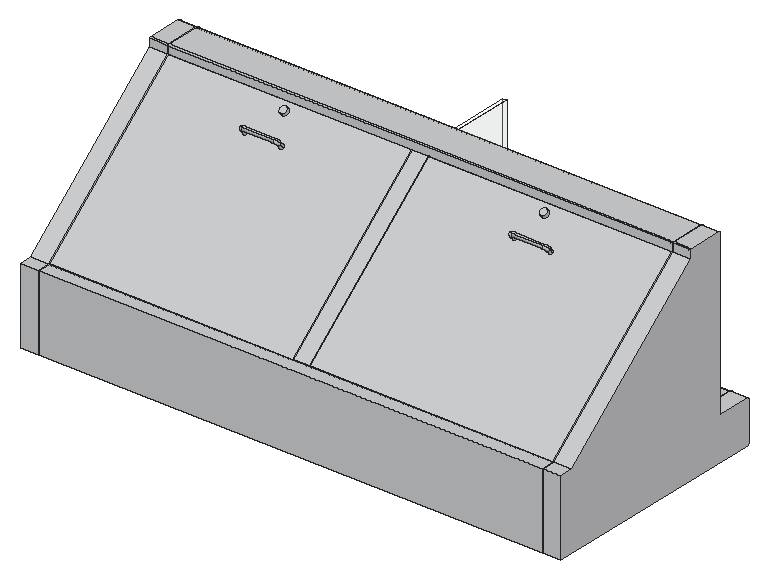
Revit family "Sink_Wall_Hung _Surgeon _Scrub-Elkay-EWSF26026_2_KWC_KWSC_SACC", category Plumbing Fixtures, host Face, Revit 2022
Family settings
  Host = Face
  Round Connector Dimension = Use Diameter
  Part Type = Normal
  OmniClass Number = 23.45.05.14.14.21
  OmniClass Title = Surgeons Scrub-Up Sinks
  Cut with Voids When Loaded = No
  Maintain Annotation Orientation = No
  Shared = No
  Room Calculation Point = No
Parameters (values of type "EWSF26026SACC (Wall Hung Double Station Surgeon Scrub Sink Kit)")
  Water panel = no
  URL = "https://www.elkay.com/us/en.html"
  Temperature handle = no
  Soap spout = no
  Soap panel = no
  Sink Width = 23.00"
  Sink Length = 60.00"
  Sink Height = 26.00"
  Sink Dimensions = "60 inch x 23 inch x 26 inch"  # constant formula
  Repair Parts URL = "https://www.elkayfiles.com/care-cleaning-install-warranty-sheets/2000000714.pdf"
  Product data URL = "https://www.bimobject.com/en/elkay/product/EWSF26026SACC"
  Product Weight (lbs) = 162
  Product Page URL = "https://www.elkay.com/products/details/ewsf26026sacc"
  Product Installation Sheet URL = "https://www.elkayfiles.com/care-cleaning-install-warranty-sheets/2000000714.pdf"
  Product Documentation Link = "https://www.elkayfiles.com/spec-sheets/ewsf26026sacc_spec.pdf"
  Outlet Connection Size (inch) = 1.50"
  No of Bowls = 2  # constant formula
  Modified Date = ""
  Model = "EWSF26026SACC"
  Manufacturer Brand = "Elkay (by Zurn Elkay Water Solutions)"  # constant formula
  Manufacturer = "Elkay Manufacturer Company"  # constant formula
  Main Material = Finish-Elkay-Stainless Steel
  LKB721C = yes
  LK394A = no
  Hole = no
  Drain Size = "3 1/2 inch"  # constant formula
  Description = "Stainless Steel 60 inch x 23 inch x 26 inch Wall Hung Double Station Surgeon Scrub Sink Kit"
  Default Elevation = 48.00"
  Date Created = "01-30-2025"  # constant formula
  Bowl 2 Dimensions = "28 inch x 16 1/4 inch x 11 inch"  # constant formula
  Bowl 1 Dimensions = "28 inch x 16 1/4 inch x 11 inch"  # constant formula
  Bottom shroud = no
  Assembly Code = "D2010.60"
  Approx. Shipping Weight (lbs) = 172
Reference planes (in)
  plane 1 "Center (Front/Back)": y = 0
  plane 2: z = 0
  plane 3 "Center (Left/Right)": x = 0
Lines and regions (in)
  Masking region 1
    outline origin (0, 0, 0) x (1, 0, 0) y (0, 0, 1)
      loop
        line (29.75, 23) -> (-30.25, 23) -> (-30.25, 0) -> (29.75, 0) -> (29.75, 23)
  Masking region 2, detail levels fine
    outline origin (0, 0, 0) x (1, 0, 0) y (0, 0, 1)
      loop
        circle (13.75, 8.625) r 1.81435
      loop
        circle (-14.25, 8.625) r 1.81435
Dimensions and locks (in)
  locked: Masking region 2 sketch curve to plane 3 "Center (Left/Right)" at 13.75
  locked: plane 3 "Center (Left/Right)" to Masking region 2 sketch curve at 14.25
  locked: level to Masking region 2 sketch curve at 8.625  (x2)
  aligned and locked: plane 2 to host face
  aligned and locked: level to host face
  aligned and locked: nested 1 to level
  aligned and locked: plane 3 "Center (Left/Right)" to nested 1
  aligned and locked: nested 1 to plane 1 "Center (Front/Back)"
  aligned and locked: Masking region 1 sketch curve to nested 1  (x2)
  aligned and locked: nested 1 to Masking region 1 sketch curve
  aligned and locked: level to Masking region 1 sketch curve
Nested families (in)
  nested 1: "EWSF390261" at (-28.25, 7.528, 11.5) x (1, 0, 0) z (0, 1, 0), Bottom shroud <- "Bottom shroud", Hole <- "Hole", LK394A <- "LK394A", LKB721C <- "LKB721C", Soap Panel <- "Soap panel", Water panel <- "Water panel", Soap spout <- "Soap spout", Temperature handle <- "Temperature handle", type "EWSF260262"
    with Water panel no, Temperature handle no, Soap spout no, Soap Panel no, Material_plexiglass Acrylic, Clear, LKB721C yes, LK394A no, Hole no, Bottom shroud no
Connectors (in)
  piping at (-14.25, 0.058, 8.625), diameter 1.5, driven by "Outlet Connection Size (inch)"
    settings: on nested 1, index 1, connector inside diameter 24", connector length 0.00", flow factor 0, pipe flow 0 GPM, pressure drop 0.00 psi, fitting loss kfactor 0, connector angle 0.00°, fixture units 0, engagement length 0.00", angle of deflection 0.00°, flow configuration 0, flow direction 2, fitting loss method 0, system type 16, joint type 0, gender type 0, connector reference index -1, connector utility 0, adjustable connector no, is connector primary yes, connector description "Sanitary Outlet"
  piping at (13.75, 0, 8.625), diameter 1.5, driven by "Outlet Connection Size (inch)"
    settings: on nested 1, index 2, connector inside diameter 24", connector length 0.00", flow factor 0, pipe flow 0 GPM, pressure drop 0.00 psi, fitting loss kfactor 0, connector angle 0.00°, fixture units 0, engagement length 0.00", angle of deflection 0.00°, flow configuration 0, flow direction 2, fitting loss method 0, system type 16, joint type 0, gender type 0, connector reference index -1, connector utility 0, adjustable connector no, is connector primary no, connector description "Sanitary Outlet"
Definition of nested family "EWSF390261"
  Parameters (values of type "EWSF26026SACC")
    void3 = if(No. of. Bowls > 2, 2 > 1, 1 > 2)  # no
    void2 = if(No. of. Bowls > 1, 2 > 1, 1 > 2)  # yes
    sink partition2 = if(No. of. Bowls > 2, 2 > 1, 1 > 2)  # no
    sink partition1 = if(No. of. Bowls > 1, 2 > 1, 1 > 2)  # yes
    lock3 = if(No. of. Bowls > 2, 2 > 1, 1 > 2)  # no
    lock2 = if(No. of. Bowls > 1, 2 > 1, 1 > 2)  # yes
    drain2 = if(No. of. Bowls > 1, 2 > 1, 1 > 2)  # yes
    Water panel [instance] = no
    URL = "https://www.elkay.com/us/en.html"
    Temperature handle [instance] = no
    Soap spout [instance] = no
    Soap Panel [instance] = no
    Repair Parts URL = "https://www.elkayfiles.com/care-cleaning-install-warranty-sheets/2000000714.pdf"
    Product data URL = "https://www.bimobject.com/en/elkay/product/ewsf39026sacc"
    Product Weight (lbs) = 0
    Product Page URL = "https://www.elkay.com/products/details/ewsf39026sacc"
    Product Installation Sheet URL = "https://www.elkayfiles.com/care-cleaning-install-warranty-sheets/2000000714.pdf"
    Product Documentation Link = "https://www.elkayfiles.com/spec-sheets/ewsf39026sacc_spec.pdf"
    Partition2 = if(No. of. Bowls > 2, 2 > 1, 1 > 2)  # no
    Partition1 = if(No. of. Bowls > 1, 2 > 1, 1 > 2)  # yes
    Partition Loc = 2.00" + Bowl Length + 0.25"  # 30.25"
    Panel3 = if(No. of. Bowls > 2, 2 > 1, 1 > 2)  # no
    Panel2 = if(No. of. Bowls > 1, 2 > 1, 1 > 2)  # yes
    Modified Date = ""
    Model = "EWSF39026SACC"  # constant formula
    Material_plexiglass [instance] = none
    Manufacturer Brand = "Elkay (by Zurn Elkay Water Solutions)"  # constant formula
    Manufacturer = "Elkay Manufacturer Company"  # constant formula
    Main Material = none
    LKB721C [instance] = yes
    LK394A [instance] = no
    Keylock3 Position = EWSF Panel Length / 2  # 13.50"
    Keylock2 Position = 2.00" + (3 * Material Thickness) + EWSF Panel Length + Panel Partition Length + (EWSF Panel Length / 2)  # 44.442"
    Hole [instance] = no
    Handle3 Position = EWSF Panel Length / 2  # 13.50"
    Handle2 Position = 2.00" + (3 * Material Thickness) + EWSF Panel Length + Panel Partition Length + (EWSF Panel Length / 2)  # 44.442"
    Sink Length = 60.00"
    Panel Partition Length = if(No. of. Bowls = 3, (Drain_Length - (2 * No. of. Bowls * Material Thickness) - (No. of. Bowls * EWSF Panel Length)) / 2, if(No. of. Bowls = 2, (Drain_Length - (2 * No. of. Bowls * Material Thickness) - (No. of. Bowls * EWSF Panel Length)), 2.00"))  # 1.768"
    No. of. Bowls = 2
    Material Thickness = 0.058"
    Handle1 Position = 2.00" + Material Thickness + (EWSF Panel Length / 2) + 2.20"  # 17.758"
    EWSF Panel Length = 27.00"
    EWSF Panel LOCK loc. = EWSF Panel Length / 2  # 13.50"
    Drains Loc Y = 8.625"
    Drain3 Loc X = 74.00"
    Drain3 = if(No. of. Bowls > 2, 2 > 1, 1 > 2)  # no
    Drain2 Loc X = 2.00" + (3 * Material Thickness) + EWSF Panel Length + Panel Partition Length + (EWSF Panel Length / 2)  # 44.442"
    Drain1 Loc X = 16.00"
    Description = "Stainless Steel 90 inch x 23 inch x 26 inch Wall Hung Triple Station Surgeon Scrub Sink Kit"
    Drain_Length = Sink Length - 4.00"  # 56.00"
    Default Elevation = 48.00"
    Date Created = "01-29-2025"  # constant formula
    Bowl Width = 16.25"
    Bowl Length = 28.00"
    Bowl Depth = 11.00"
    Bottom shroud [instance] = no
    Assembly Code = "D2010.60"
    Approx. Shipping Weight (lbs) = 0
  Types (5): name | Water panel | Temperature handle | Soap spout | Soap Panel | LKB721C | LK394A | Hole | Bottom shroud
    (no name) | no | no | no | no | yes | no | no | no
    EWSF260262 | no | no | no | no | no | no | yes | no
    EWSF26026KWC | yes | yes | no | no | no | yes | no | yes
    EWSF26026KWSC | yes | yes | yes | yes | no | yes | no | yes
    EWSF26026SACC | no | no | no | no | yes | no | no | no
  Reference planes (in)
    plane 1 "Center (Front/Back)": y = 0
    plane 2: z = 0
    plane 3 "Center (Left/Right)": x = 0
    plane 4: y = 11.5
    plane 5: y = -11.5
    plane 6: z = 7.53
    plane 7: z = -7.528
    plane 8: z = 6.905
    plane 9: y = 6.75
    plane 10: z = 3.53
    plane 11: y = -9.5
    plane 12: y = 11.442
    plane 13: z = 7.472
    plane 14: y = 6.808
    plane 15: z = -0.47
    plane 16: y = -10.5
    plane 17 "Bowl depth plane": z = -7.47
    plane 18: z = 3.472
    plane 19: y = -11.442
    plane 20: z = -0.412
    plane 21: x = 56
    plane 22: z = 7.53
    plane 23: z = -18.47
    plane 24: y = 3.12
    plane 25: z = -16.97
    plane 26: z = 3.53
    plane 27: z = -0.47
    plane 28: y = -10.5
    plane 29: y = 6.75
    plane 30: x = -2
    plane 31: z = 7.53125
    plane 32: z = -18.46875
    plane 33: y = 3.12
    plane 34: z = -16.96875
    plane 35: z = 3.53125
    plane 36: z = -0.46875
    plane 37: y = -10.5
    plane 38: y = 6.75
    plane 39: x = 58
    plane 40: z = 7.53
    plane 41: z = -18.47
    plane 42: y = 3.12
    plane 43: z = -16.97
    plane 44: through (0, 3.69902, -16.49205) normal (0, 0.7712, 0.6366)
    plane 45: z = -18.412
    plane 46: y = 11.442
    plane 47: y = 3.178
    plane 48: x = 0.058
    plane 49: through (0, 3.69902, -16.49205) normal (0, 0.6366, -0.7712)
    plane 50: z = -0.47
    plane 51: y = -10.5
    plane 52: through (0, -10.5, -0.47) normal (0, 0.7712, 0.6366)
    plane 53: through (0, -9.52646, -0.47) normal (0, 0.7712, 0.6366)
    plane 54: x = 27.058
    plane 55: x = 27.116
    plane 56: x = 28.884
    plane 57: x = 28.942
    plane 58: x = 55.942
    plane 59: x = 55.942
    plane 60: x = 28.942
    plane 61: x = 56
    plane 62: x = 57.768
    plane 63: through (0, -10.36336, -0.63553) normal (0, 0.7712, 0.6366)
    plane 64: through (0, -12.75857, 1.79489) normal (0, -0.7712, -0.6366)
    plane 65: x = 13.558
    plane 66: y = 3.12
    plane 67: through (11.08, -40.38659, 35.73622) normal (0, -0.7712, -0.6366)
    plane 68: through (5.12737, -41.15779, 35.09963) normal (0, 0.7712, 0.6366)
    plane 69: x = 11.08
    plane 70: x = 15.08
    plane 71: through (0, -10.5, -0.47) normal (0, -0.6366, 0.7712)
    plane 72: through (0, -6.78236, -2.58797) normal (0, -0.6366, 0.7712)
    plane 73: x = 42.442
    plane 74: y = 2.10949
    plane 75: through (0, -9.25329, -1.21904) normal (0, -0.6366, 0.7712)
    plane 76: x = 42.442
    plane 77: x = 42.442
    plane 78: y = 1.76307
    plane 79: x = 42.442
    plane 80 "drain cl ref lev": y = 2.875
    plane 81: x = 14
    plane 82 "drain line left": z = -7.528
    plane 83: x = 14
    plane 84: x = 42.442
    plane 85: z = -7.47
    plane 86 "LKPT01": x = 28.25
    plane 87 "LKPT THCKNES": x = 28.75
    plane 88: y = 6.75
    plane 89: z = 3.53125
    plane 90 "lkpt 2": x = 27.75
    plane 91 "lkpt 2 thcknes": x = 27.25
    plane 92: through (0, -9.52646, -0.47) normal (0, -0.7712, -0.6366)
    plane 93: y = 9.125
    plane 94: x = 14
    plane 95: x = 43
    plane 96: x = 72
    plane 97: y = 9.125
    plane 98: x = 14
    plane 99: x = 72
    plane 100: y = -0.9375
    plane 101: through (0, -9.59196, 3.68928) normal (0, -0.866, -0.5)
    plane 102: through (0, -9.51415, 3.4385) normal (0, 0.866, 0.5)
    plane 103: through (0, -6.29981, -3.02849) normal (0, -0.6428, -0.766)
    plane 104: through (0, -6.26253, -2.98406) normal (0, 0.6428, 0.766)
    plane 105: x = 42
    plane 106: x = 49.5
    plane 107: x = 21.5
    plane 108: x = 28
    plane 109: x = 0.625
    plane 110: x = 25.375
    plane 111: x = 30.625
    plane 112: x = 55.375
    plane 113: x = 2.25
    plane 114: x = 12.25
    plane 115: x = 13.75
    plane 116: x = 23.75
    plane 117: x = 30.625
    plane 118: x = 55.375
    plane 119: x = 32.25
    plane 120: x = 42.25
    plane 121: x = 43.75
    plane 122: x = 53.75
    plane 123: through (0, -14.34017, 20.34159) normal (0, -0.9848, -0.1736)
    plane 124: through (0, -14.83257, 20.25477) normal (0, -0.9848, -0.1736)
    plane 125: through (44.92, -40.30299, 35.82915) normal (0, 0.7712, 0.6366)
    plane 126: through (50.87263, -41.07419, 35.19256) normal (0, -0.7712, -0.6366)
    plane 127: x = 44.92
    plane 128: x = 40.92
    plane 129: x = 13
  Forms (in)
    Extrusion 1, solid
      sketch origin (0, 0, 0) x (0, 1, 0) y (0, 0, 1)
        loop
          arc (11.5, 7.405) -> (11.46339, 7.49339) -> (11.375, 7.53) r 0.125
          line (11.375, 7.53) -> (6.875, 7.53)
          arc (6.875, 7.53) -> (6.78661, 7.49339) -> (6.75, 7.405) r 0.125
          line (6.75, 7.405) -> (6.75, -6.655)
          arc (6.75, -6.655) -> (6.51129, -7.23129) -> (5.935, -7.47) r 0.815
          line (5.935, -7.47) -> (-0.63722, -7.47)
          arc (-0.63722, -7.47) -> (-0.89955, -7.42374) -> (-1.13024, -7.29056) r 0.767
          line (-1.13024, -7.29056) -> (-5.14365, -3.92291)
          arc (-5.14365, -3.92291) -> (-5.23819, -3.82837) -> (-5.31487, -3.71885) r 0.767
          line (-5.31487, -3.71885) -> (-9.46392, 3.4675)
          arc (-9.46392, 3.4675) -> (-9.50967, 3.51325) -> (-9.57217, 3.53) r 0.125
          line (-9.57217, 3.53) -> (-11.375, 3.53)
          arc (-11.375, 3.53) -> (-11.46339, 3.49339) -> (-11.5, 3.405) r 0.125
          line (-11.5, 3.405) -> (-11.5, -0.345)
          arc (-11.5, -0.345) -> (-11.46339, -0.43339) -> (-11.375, -0.47) r 0.125
          line (-11.375, -0.47) -> (-10.5, -0.47) -> (-10.5, -0.412) -> (-11.375, -0.412)
          arc (-11.375, -0.412) -> (-11.42238, -0.39238) -> (-11.442, -0.345) r 0.067
          line (-11.442, -0.345) -> (-11.442, 3.405)
          arc (-11.442, 3.405) -> (-11.42238, 3.45238) -> (-11.375, 3.472) r 0.067
          line (-11.375, 3.472) -> (-9.57217, 3.472)
          arc (-9.57217, 3.472) -> (-9.53867, 3.46302) -> (-9.51415, 3.4385) r 0.067
          line (-9.51415, 3.4385) -> (-5.3651, -3.74785)
          arc (-5.3651, -3.74785) -> (-5.28262, -3.86565) -> (-5.18093, -3.96734) r 0.825
          line (-5.18093, -3.96734) -> (-1.16752, -7.33499)
          arc (-1.16752, -7.33499) -> (-0.91939, -7.47825) -> (-0.63722, -7.528) r 0.825
          line (-0.63722, -7.528) -> (5.935, -7.528)
          arc (5.935, -7.528) -> (6.5523, -7.2723) -> (6.808, -6.655) r 0.873
          line (6.808, -6.655) -> (6.808, 7.405)
          arc (6.808, 7.405) -> (6.82762, 7.45238) -> (6.875, 7.472) r 0.067
          line (6.875, 7.472) -> (11.375, 7.472)
          arc (11.375, 7.472) -> (11.42238, 7.45238) -> (11.442, 7.405) r 0.067
          line (11.442, 7.405) -> (11.442, 6.905) -> (11.5, 6.905) -> (11.5, 7.405)
      from 0 to 56
    Extrusion 2, solid
      sketch origin (0, 0, 0) x (0, 1, 0) y (0, 0, 1)
        loop
          line (11.5, -18.47) -> (11.5, 7.405)
          arc (11.5, 7.405) -> (11.46339, 7.49339) -> (11.375, 7.53) r 0.125
          line (11.375, 7.53) -> (6.875, 7.53)
          arc (6.875, 7.53) -> (6.78661, 7.49339) -> (6.75, 7.405) r 0.125
          line (6.75, 7.405) -> (6.75, 3.53) -> (-11.375, 3.53)
          arc (-11.375, 3.53) -> (-11.46339, 3.49339) -> (-11.5, 3.405) r 0.125
          line (-11.5, 3.405) -> (-11.5, -0.345)
          arc (-11.5, -0.345) -> (-11.46339, -0.43339) -> (-11.375, -0.47) r 0.125
          line (-11.375, -0.47) -> (-10.5, -0.47) -> (3.12, -16.97) -> (3.12, -18.47) -> (11.5, -18.47)
      from 0 to -2
    Extrusion 3, solid
      sketch origin (0, 0, 0.00125) x (0, 1, 0) y (0, 0, 1)
        loop
          line (11.5, -18.47) -> (11.5, 7.40375)
          arc (11.5, 7.40375) -> (11.46339, 7.49214) -> (11.375, 7.52875) r 0.125
          line (11.375, 7.52875) -> (6.875, 7.52875)
          arc (6.875, 7.52875) -> (6.78661, 7.49214) -> (6.75, 7.40375) r 0.125
          line (6.75, 7.40375) -> (6.75, 3.53) -> (-11.375, 3.53)
          arc (-11.375, 3.53) -> (-11.46339, 3.49339) -> (-11.5, 3.405) r 0.125
          line (-11.5, 3.405) -> (-11.5, -0.345)
          arc (-11.5, -0.345) -> (-11.46339, -0.43339) -> (-11.375, -0.47) r 0.125
          line (-11.375, -0.47) -> (-10.5, -0.47) -> (3.12, -16.97) -> (3.12, -18.47) -> (11.5, -18.47)
      from 58 to 56
    Extrusion 4, solid
      sketch origin (0, 0, 0) x (0, 1, 0) y (0, 0, 1)
        loop
          line (3.12, -16.97) -> (3.12, -18.47) -> (11.5, -18.47) -> (11.5, -16.97) -> (11.442, -16.97) -> (11.442, -18.412) -> (3.178, -18.412) -> (3.178, -16.99733) -> (3.73594, -16.53678) -> (3.69902, -16.49205) -> (3.12, -16.97)
      from 0 to 56
    Extrusion 5, solid
      sketch origin (0.058, -180, 44.38843) x (0, 0, 1) y (0, -1, 0)
        loop
          line (-44.85843, -169.5) -> (-61.35843, -183.12) -> (-60.88048, -183.69902) -> (-44.85843, -170.47354) -> (-44.85843, -169.5)
      from 0 to 27
    Extrusion 6, solid, visible <- "Partition1"
      sketch origin (27.116, -180, 34.52954) x (0, 0, 1) y (0, -1, 0)
        loop
          line (-34.99954, -170.47354) -> (-34.99954, -169.5) -> (-51.49954, -183.12) -> (-51.02159, -183.69902) -> (-34.99954, -170.47354)
      from 0 to 1.768
    Extrusion 7, solid, visible <- "Panel2"
      sketch origin (28.942, -180, 33.40964) x (0, 0, 1) y (0, -1, 0)
        loop
          line (-33.87964, -170.47354) -> (-33.87964, -169.5) -> (-50.37964, -183.12) -> (-49.90169, -183.69902) -> (-33.87964, -170.47354)
      from 0 to 27
    Extrusion 8, solid, visible <- "Panel3"
      sketch origin (55.942, -180, 40.8038) x (0, 0, 1) y (0, -1, 0)
        loop
          line (-41.2738, -170.47354) -> (-41.2738, -169.5) -> (-57.7738, -183.12) -> (-57.29585, -183.69902) -> (-41.2738, -170.47354)
      from 0 to -27
    Extrusion 9, solid, visible <- "Partition2"
      sketch origin (56, -180, 28.33703) x (0, 0, 1) y (0, -1, 0)
        loop
          line (-28.80703, -170.47354) -> (-28.80703, -169.5) -> (-45.30703, -183.12) -> (-44.82908, -183.69902) -> (-28.80703, -170.47354)
      from 0 to 1.768
    Extrusion 10, solid
      sketch origin (0, -10.36333, 1.72381) x (0, 0.636592, -0.771201) y (-1, 0, 0)
        loop
          circle (2.57617, -13.558) r 0.4
      from -1.50196 to -1.80196
    Sweep 11, solid
      path origin (-0.09297, 0.34388, 7.11681) x (1, 0, 0) y (0, 0.771201, 0.636592)
        loop
          line (11.17297, -13.19251) -> (11.17297, -13.94251)
          arc (11.17297, -13.94251) -> (11.24619, -14.11929) -> (11.42297, -14.19251) r 0.25
          line (11.42297, -14.19251) -> (14.92297, -14.19251)
          arc (14.92297, -14.19251) -> (15.09975, -14.11929) -> (15.17297, -13.94251) r 0.25
          line (15.17297, -13.94251) -> (15.17297, -13.19251)
      profile origin (11.08, -10.1194, -1.52015) x (1, 0, 0) y (0, -0.636592, 0.771201)
        loop
          circle (0, -2.94783) r 0.2
    Extrusion 12, solid, visible <- "lock2"
      sketch origin (31.25, -11.37387, 1.45695) x (0, 0.636592, -0.771201) y (-1, 0, 0)
        loop
          circle (3.01367, -11.192) r 0.4
      from -0.55275 to -0.85275
    Extrusion 13, solid, visible <- "lock3"
      sketch origin (61.25, -11.72029, 1.17099) x (0, 0.636592, -0.771201) y (-1, 0, 0)
        loop
          circle (3.01367, 18.808) r 0.4
      from -0.10355 to -0.40355
    Revolve 14, solid
      sketch origin (-26.84172, 2.875, 48) x (-1, 0, 0) y (0, 0, 1)
        loop
          line (-39.29112, -55.63565) -> (-39.67882, -55.77763) -> (-39.74988, -55.77763) -> (-39.74988, -55.82763) -> (-39.66982, -55.82763) -> (-39.27236, -55.68207)
          arc (-39.27236, -55.68207) -> (-39.24548, -55.66641) -> (-39.22402, -55.6439) r 0.11072
          line (-39.22402, -55.6439) -> (-39.17303, -55.57795)
          arc (-39.17303, -55.57795) -> (-39.1419, -55.54308) -> (-39.09765, -55.528) r 0.09207
          line (-39.09765, -55.528) -> (-39.02736, -55.528) -> (-39.02736, -55.478) -> (-39.09671, -55.478)
          arc (-39.09671, -55.478) -> (-39.16324, -55.49769) -> (-39.21247, -55.54658) r 0.14181
          line (-39.21247, -55.54658) -> (-39.26609, -55.61593)
          arc (-39.26609, -55.61593) -> (-39.27728, -55.62747) -> (-39.29112, -55.63565) r 0.06054
        axis (-40.84172, -55.478) -> (-40.84172, -55.82763)
      angle from 0 to 360
    Revolve 15, solid, visible <- "drain2"
      sketch origin (1.40828, 2.875, 48) x (-1, 0, 0) y (0, 0, 1)
        loop
          line (-39.04112, -55.63565) -> (-39.42882, -55.77763) -> (-39.49988, -55.77763) -> (-39.49988, -55.82763) -> (-39.41982, -55.82763) -> (-39.02236, -55.68207)
          arc (-39.02236, -55.68207) -> (-38.99548, -55.66641) -> (-38.97402, -55.6439) r 0.11072
          line (-38.97402, -55.6439) -> (-38.92303, -55.57795)
          arc (-38.92303, -55.57795) -> (-38.8919, -55.54308) -> (-38.84765, -55.528) r 0.09207
          line (-38.84765, -55.528) -> (-38.77736, -55.528) -> (-38.77736, -55.478) -> (-38.84671, -55.478)
          arc (-38.84671, -55.478) -> (-38.91324, -55.49769) -> (-38.96247, -55.54658) r 0.14181
          line (-38.96247, -55.54658) -> (-39.01609, -55.61593)
          arc (-39.01609, -55.61593) -> (-39.02728, -55.62747) -> (-39.04112, -55.63565) r 0.06054
        axis (-40.59172, -55.478) -> (-40.59172, -55.82763)
      angle from 0 to 360
    Extrusion 16, void
      sketch origin (0, 0, 0) x (1, 0, 0) y (0, 1, 0)
        loop
          circle (14, 2.875) r 1.65
      from -7.528 to -7.47
    Extrusion 17, void
      sketch origin (26.5, 0, 0) x (1, 0, 0) y (0, 1, 0)
        loop
          circle (15.5, 2.875) r 1.65
      from -7.528 to -7.47
    Extrusion 18, void
      sketch origin (0, 0, 0) x (1, 0, 0) y (0, 1, 0)
        loop
          circle (14, 9.125) r 0.625
        loop
          circle (42, 9.125) r 0.625
      from 0 to 7.53
    Extrusion 19, solid, detail levels coarse+medium
      sketch origin (0, 0, 0) x (0, 1, 0) y (0, 0, 1)
        loop
          line (-10.5, -0.47) -> (-11.5, -0.47) -> (-11.5, -18.47) -> (3.12, -18.47) -> (3.12, -16.97) -> (-10.5, -0.47)
      from -2 to 58
    Extrusion 20, solid, material <- "Material_plexiglass", visible <- "sink partition1"
      sketch origin (48.058, 4.1549, 48.69671) x (0, 1, 0) y (0, 0, 1)
        loop
          arc (1.8451, -55.00671) -> (2.37543, -54.78704) -> (2.5951, -54.25671) r 0.75
          line (2.5951, -54.25671) -> (2.5951, -41.29171)
          arc (2.5951, -41.29171) -> (2.63171, -41.20332) -> (2.7201, -41.16671) r 0.125
          line (2.7201, -41.16671) -> (5.21972, -41.16671) -> (5.21972, -38.00971) -> (-15.28028, -38.00971) -> (-15.28028, -45.00971) -> (-13.56628, -45.00971) -> (-9.52179, -52.30617) -> (-4.72911, -55.00671) -> (1.8451, -55.00671)
      from -19.808 to -19.308
    Extrusion 21, solid, visible <- "Bottom shroud"
      sketch origin (26.25, 33.04396, 48.12603) x (0, 1, 0) y (0, 0, 1)
        loop
          line (-29.92444, -64.845) -> (-43.44377, -48.73328)
          arc (-43.44377, -48.73328) -> (-43.59391, -48.69683) -> (-43.67335, -48.82934) r 0.13032
          line (-43.67335, -48.82934) -> (-41.01444, -63.90875) -> (-41.01444, -64.845) -> (-29.92444, -64.845)
      from -25.625 to -0.875
    Extrusion 22, solid, visible <- "Soap Panel"
      sketch origin (0, -11.89097, 6.23703) x (0, -0.173648, 0.984808) y (-1, 0, 0)
        loop
          line (-8.67022, -2.25) -> (-20.95341, -2.25) -> (-20.95341, -12.25) -> (-8.67022, -12.25) -> (-8.67022, -2.25)
      from -0.03724 to 0.46276
    Extrusion 23, solid, visible <- "Water panel"
      sketch origin (12.125, -11.89097, 6.23703) x (0, -0.173648, 0.984808) y (-1, 0, 0)
        loop
          line (-8.67022, -1.625) -> (-20.95341, -1.625) -> (-20.95341, -11.625) -> (-8.67022, -11.625) -> (-8.67022, -1.625)
      from -0.03724 to 0.46276
    Extrusion 24, solid, visible <- "Bottom shroud"
      sketch origin (56.25, 33.04396, 48.12604) x (0, 1, 0) y (0, 0, 1)
        loop
          line (-29.92444, -64.845) -> (-43.44377, -48.73328)
          arc (-43.44377, -48.73328) -> (-43.59217, -48.69612) -> (-43.67365, -48.82559) r 0.13032
          line (-43.67365, -48.82559) -> (-41.01444, -63.9067) -> (-41.01444, -64.845) -> (-29.92444, -64.845)
      from -25.625 to -0.875
    Extrusion 25, solid, visible <- "Soap Panel"
      sketch origin (30, -11.89097, 6.23705) x (0, -0.173648, 0.984808) y (-1, 0, 0)
        loop
          line (-8.67022, -2.25) -> (-20.95341, -2.25) -> (-20.95341, -12.25) -> (-8.67022, -12.25) -> (-8.67022, -2.25)
      from -0.03724 to 0.46276
    Extrusion 26, solid, visible <- "Water panel"
      sketch origin (42.125, -11.89097, 6.23705) x (0, -0.173648, 0.984808) y (-1, 0, 0)
        loop
          line (-8.67022, -1.625) -> (-20.95341, -1.625) -> (-20.95341, -11.625) -> (-8.67022, -11.625) -> (-8.67022, -1.625)
      from -0.03724 to 0.46276
    Sweep 27, solid
      path origin (56.09297, 0.42748, 7.20974) x (-1, 0, 0) y (0, -0.771201, -0.636592)
        loop
          line (11.17297, 13.19251) -> (11.17297, 13.94251)
          arc (11.17297, 13.94251) -> (11.24619, 14.11929) -> (11.42297, 14.19251) r 0.25
          line (11.42297, 14.19251) -> (14.92297, 14.19251)
          arc (14.92297, 14.19251) -> (15.09975, 14.11929) -> (15.17297, 13.94251) r 0.25
          line (15.17297, 13.94251) -> (15.17297, 13.19251)
      profile origin (44.92, -10.0358, -1.42722) x (1, 0, 0) y (0, -0.636592, 0.771201)
        loop
          circle (0, -2.94783) r 0.2
  Cuts and joins
    Extrusion 16, Extrusion 17, Extrusion 18 cuts Extrusion 1
  Dimensions and locks (in)
    equal spacing: plane 5, plane 1 "Center (Front/Back)", plane 4, locked at 11.5 each
    locked: plane 5 to plane 4 at 23
    locked: plane 6 to level at 7.53
    locked: plane 6 to plane 8 at 0.625
    plane 9 to plane 4 = 4.75"
    locked: plane 10 to level at 3.53
    locked: plane 5 to plane 11 at 2
    "Material Thickness": plane 12 to plane 4
    "Material Thickness": plane 6 to plane 13
    "Material Thickness": plane 9 to plane 14
    locked: plane 10 to plane 15 at 4
    locked: plane 5 to plane 16 at 1
    "Material Thickness": plane 10 to plane 18
    "Material Thickness": plane 5 to plane 19
    "Material Thickness": plane 20 to plane 15
    "Bowl Depth": plane 10 to plane 17 "Bowl depth plane"
    "Material Thickness": plane 17 "Bowl depth plane" to plane 7
    "Drain_Length": plane 21 to plane 3 "Center (Left/Right)"
    locked: plane 22 to level at 7.53
    locked: plane 23 to plane 22 at 26
    locked: plane 4 to plane 24 at 8.38
    locked: plane 25 to plane 23 at 1.5
    locked: plane 26 to plane 22 at 4
    locked: plane 27 to plane 26 at 4
    locked: plane 1 "Center (Front/Back)" to plane 28 at 10.5
    locked: plane 29 to plane 1 "Center (Front/Back)" at 6.75
    locked: plane 3 "Center (Left/Right)" to plane 30 at 2
    locked: plane 32 to plane 31 at 26
    locked: plane 34 to plane 32 at 1.5
    locked: plane 35 to plane 31 at 4
    locked: plane 36 to plane 35 at 4
    locked: plane 39 to plane 21 at 2
    locked: plane 40 to level at 7.53
    locked: plane 40 to plane 41 at 26
    locked: plane 43 to plane 41 at 1.5
    "Material Thickness": plane 45 to plane 41
    "Material Thickness": plane 4 to plane 46
    "Material Thickness": plane 47 to plane 42
    "Material Thickness": Extrusion 4 sketch curve to Extrusion 4 sketch curve
    "Material Thickness": plane 48 to plane 3 "Center (Left/Right)"
    locked: level to plane 50 at 0.47
    locked: plane 1 "Center (Front/Back)" to plane 51 at 10.5
    locked: plane 53 to plane 52 at 0.7508
    locked: plane 49 to plane 1 "Center (Front/Back)" at 15.07345
    "EWSF Panel Length": plane 54 to plane 48
    "Panel Partition Length": plane 56 to plane 55
    "Material Thickness": plane 57 to plane 56
    "Material Thickness": plane 21 to plane 59
    "EWSF Panel Length": plane 58 to plane 57
    "Material Thickness": plane 55 to plane 54
    locked: plane 4 to plane 44 at 16.51483
    locked: plane 4 to plane 63 at 17.26562
    locked: plane 63 to plane 64 at 0.3
    "EWSF Panel LOCK loc.": plane 48 to plane 65
    locked: plane 4 to plane 66 at 8.38
    locked: plane 68 to plane 67 at 1
    locked: plane 69 to plane 70 at 4
    locked: plane 71 to plane 1 "Center (Front/Back)" at 6.32175
    plane 71 to plane 72 = 4.00"
    locked: plane 71 to plane 75 at 1.37131
    "Drains Loc Y": plane 4 to plane 80 "drain cl ref lev"
    locked: Revolve 14 sketch curve to Revolve 14 sketch curve at 1.81435
    locked: Revolve 14 sketch curve to Revolve 14 sketch curve at 0.06935
    locked: Revolve 14 sketch curve to Revolve 14 sketch curve at 0.05  (x2)
    locked: Revolve 14 sketch curve to Revolve 14 sketch curve at 0.72252
    locked: Revolve 14 sketch curve to Revolve 14 sketch curve at 0.34963
    "Drain1 Loc X": plane 81 to plane 30
    locked: level to plane 82 "drain line left" at 7.528
    locked: Revolve 14 sketch curve to Revolve 14 sketch curve at 0.07029
    locked: Revolve 14 sketch curve to Revolve 14 sketch curve at 0.05004
    locked: Revolve 15 sketch curve to Revolve 15 sketch curve at 1.81435
    locked: Revolve 15 sketch curve to Revolve 15 sketch curve at 0.06935
    locked: Revolve 15 sketch curve to Revolve 15 sketch curve at 0.05  (x2)
    locked: Revolve 15 sketch curve to Revolve 15 sketch curve at 0.72252
    locked: Revolve 15 sketch curve to Revolve 15 sketch curve at 0.34963
    locked: Revolve 15 sketch curve to Revolve 15 sketch curve at 0.07029
    locked: Revolve 15 sketch curve to Revolve 15 sketch curve at 0.05004
    "Drain1 Loc X": plane 30 to plane 83
    "Drain2 Loc X": plane 30 to plane 84
    "Material Thickness": plane 82 "drain line left" to plane 85
    locked: plane 86 "LKPT01" to plane 87 "LKPT THCKNES" at 0.5
    locked: plane 4 to plane 88 at 4.75
    locked: plane 89 to level at 3.53125
    locked: plane 91 "lkpt 2 thcknes" to plane 90 "lkpt 2" at 0.5
    locked: plane 92 to plane 63 at 0.7508
    "Handle2 Position": plane 76 to plane 30
    "Partition Loc": plane 30 to plane 86 "LKPT01"
    "Partition Loc": plane 90 "lkpt 2" to plane 39
    "Keylock2 Position": plane 73 to plane 30
    "Material Thickness": plane 61 to plane 58
    "Panel Partition Length": plane 62 to plane 61
    "EWSF Panel Length": plane 59 to plane 60
    locked: plane 4 to plane 93 at 2.375
    "Drain1 Loc X": plane 30 to plane 94
    locked: plane 94 to plane 95 at 29
    "Handle3 Position": plane 79 to plane 60
    locked: plane 95 to plane 96 at 29
    locked: plane 4 to plane 97 at 2.375
    locked: plane 30 to plane 98 at 16
    "Keylock3 Position": plane 77 to plane 60
    locked: plane 9 to plane 100 at 7.6875
    locked: plane 101 to plane 1 "Center (Front/Back)" at 6.46224
    "Material Thickness": plane 101 to plane 102
    locked: plane 103 to plane 1 "Center (Front/Back)" at 6.3694
    "Material Thickness": plane 103 to plane 104
    locked: Extrusion 20 sketch curve to Extrusion 20 sketch curve at 20.5
    locked: Extrusion 20 sketch curve to Extrusion 20 sketch curve at 0.75  (x2)
    locked: Extrusion 20 sketch curve to Extrusion 20 sketch curve at 2.49961
    locked: Extrusion 20 sketch curve to Extrusion 20 sketch curve at 3.157
    locked: Extrusion 20 sketch curve to Extrusion 20 sketch curve at 7
    locked: Extrusion 20 sketch curve to Extrusion 20 sketch curve at 1.714
    locked: Extrusion 20 sketch curve to Extrusion 20 sketch curve at 13.84
    locked: Extrusion 20 to plane 89 at 0.15575
    locked: Extrusion 20 to plane 5 at 0.37461
    plane 30 to plane 98 = 16.00"
    locked: plane 105 to plane 39 at 16
    locked: plane 105 to plane 106 at 7.5
    locked: plane 98 to plane 107 at 7.5
    locked: plane 30 to nested 7 at 4
    locked: nested 7 to plane 41 at 24.75
    locked: nested 8 to plane 41 at 24.75
    plane 30 to plane 108 = 30.00"
    nested 7 to nested 8 = 30.00"
    locked: plane 108 to nested 8 at 4
    locked: plane 30 to plane 109 at 2.625
    plane 109 to plane 30 = 2.625"
    plane 110 to plane 109 = 24.75"
    plane 108 to plane 30 = 30.00"
    locked: plane 111 to plane 108 at 2.625
    locked: plane 112 to plane 111 at 24.75
    locked: plane 39 to plane 112 at 2.625
    plane 113 to plane 109 = 1.625"
    plane 114 to plane 113 = 10.00"
    plane 115 to plane 114 = 1.50"
    plane 116 to plane 115 = 10.00"
    plane 110 to plane 116 = 1.625"
    locked: plane 117 to plane 108 at 2.625
    locked: plane 119 to plane 117 at 1.625
    locked: plane 120 to plane 119 at 10
    locked: plane 121 to plane 120 at 1.5
    locked: plane 122 to plane 121 at 10
    locked: plane 118 to plane 122 at 1.625
    plane 41 to Extrusion 21 = 1.75103"
    locked: plane 124 to plane 123 at 0.5
    locked: plane 123 to plane 41 at 7.38275
    Extrusion 22 to Extrusion 22 = 12.09659"
    locked: Extrusion 21 to plane 41 at 1.75103
    locked: Extrusion 21 sketch curve to Extrusion 24 at 11.09
    locked: Extrusion 21 sketch curve to plane 41 at 17.77898
    locked: plane 1 "Center (Front/Back)" to Extrusion 21 sketch curve at 10.49965
    locked: plane 1 "Center (Front/Back)" to Extrusion 24 sketch curve at 10.49965
    locked: Extrusion 24 sketch curve to plane 41 at 17.77046
    Extrusion 21 to plane 41 = 1.75103"
    locked: plane 125 to plane 126 at 1
    locked: plane 127 to plane 128 at 4
    locked: plane 129 to plane 30 at 15
    locked: Sweep 11 to plane 30 at 12.88
    locked: plane 39 to Sweep 27 at 12.88
    locked: plane 40 to Sweep 27 sketch curve at 9.35509
    locked: plane 89 to Sweep 11 sketch curve at 5.44927
    plane 3 "Center (Left/Right)" to plane 108 = 28.00"
    locked: Extrusion 2 to Extrusion 4 sketch curve (angle 90.00°)
    locked: plane 44 to plane 4 (angle 39.5381°)
    locked: plane 1 "Center (Front/Back)" to plane 49 (angle 50.4619°)
    angle level to plane 63 = 50.4619°
    locked: level to plane 64 (angle 50.4619°)
    locked: plane 71 to level (angle 39.5381°)
    locked: plane 72 to level (angle 39.5381°)
    locked: plane 75 to level (angle 39.5381°)
    locked: Revolve 14 sketch curve to Revolve 14 sketch curve (angle 159.887°)  (x2)
    locked: Revolve 14 sketch curve to Revolve 14 sketch curve (angle 147.822°)  (x2)
    locked: Revolve 15 sketch curve to Revolve 15 sketch curve (angle 159.887°)  (x2)
    locked: Revolve 15 sketch curve to Revolve 15 sketch curve (angle 147.822°)  (x2)
    locked: plane 82 "drain line left" to plane 92 (angle 50.4619°)
    locked: Extrusion 1 sketch curve to plane 17 "Bowl depth plane" (angle 140.00°)
    locked: plane 101 to plane 10 (angle 120.00°)
    locked: plane 82 "drain line left" to plane 103 (angle 40.00°)
    locked: Extrusion 20 sketch curve to Extrusion 20 sketch curve (angle 29.40°)
    locked: Extrusion 20 sketch curve to Extrusion 20 sketch curve (angle 119.00°)
    locked: Extrusion 24 to Extrusion 24 (angle 30.00°)
    aligned and locked: plane 2 to level
    aligned and locked: plane 8 to Extrusion 1 sketch curve
    aligned and locked: plane 7 to Extrusion 1 sketch curve
    aligned and locked: Extrusion 1 sketch curve to plane 8
    aligned and locked: Extrusion 1 sketch curve to plane 4
    aligned and locked: Extrusion 1 sketch curve to plane 12
    aligned and locked: plane 13 to Extrusion 1 sketch curve
    aligned and locked: Extrusion 1 sketch curve to plane 9
    aligned and locked: plane 6 to Extrusion 1 sketch curve
    aligned and locked: plane 14 to Extrusion 1 sketch curve
    aligned and locked: plane 16 to Extrusion 1 sketch curve  (x2)
    aligned and locked: plane 17 "Bowl depth plane" to Extrusion 1 sketch curve
    aligned and locked: Extrusion 1 sketch curve to plane 10
    aligned and locked: plane 18 to Extrusion 1 sketch curve
    aligned and locked: Extrusion 1 sketch curve to plane 5
    aligned and locked: plane 19 to Extrusion 1 sketch curve
    aligned and locked: Extrusion 1 sketch curve to plane 15
    aligned and locked: Extrusion 1 sketch curve to plane 20
    aligned and locked: Extrusion 1 to plane 3 "Center (Left/Right)"
    aligned and locked: plane 21 to Extrusion 1
    aligned and locked: Extrusion 2 sketch curve to Extrusion 1  (x5)
    aligned and locked: plane 26 to Extrusion 2 sketch curve
    aligned and locked: plane 25 to Extrusion 2 sketch curve
    aligned and locked: plane 27 to Extrusion 2 sketch curve
    aligned and locked: plane 28 to Extrusion 2 sketch curve
    aligned and locked: plane 24 to Extrusion 2 sketch curve  (x2)
    aligned and locked: Extrusion 2 sketch curve to plane 23
    aligned and locked: plane 3 "Center (Left/Right)" to Extrusion 2
    aligned and locked: Extrusion 2 to plane 30
    aligned and locked: plane 35 to Extrusion 3 sketch curve
    aligned and locked: plane 34 to Extrusion 3 sketch curve
    aligned and locked: plane 36 to Extrusion 3 sketch curve
    aligned and locked: plane 37 to Extrusion 3 sketch curve
    aligned and locked: plane 33 to Extrusion 3 sketch curve  (x2)
    aligned and locked: Extrusion 3 sketch curve to plane 32
    aligned and locked: Extrusion 3 to plane 21
    aligned and locked: plane 39 to Extrusion 3
    aligned and locked: plane 4 to Extrusion 3
    aligned and locked: plane 4 to Extrusion 2
    aligned and locked: Extrusion 3 to plane 5
    aligned and locked: plane 40 to Extrusion 3
    aligned and locked: plane 43 to Extrusion 4 sketch curve
    aligned and locked: plane 42 to Extrusion 4 sketch curve
    aligned and locked: plane 44 to Extrusion 4 sketch curve
    aligned and locked: Extrusion 4 sketch curve to plane 43
    aligned and locked: Extrusion 4 sketch curve to plane 4
    aligned and locked: plane 41 to Extrusion 4 sketch curve
    aligned and locked: plane 45 to Extrusion 4 sketch curve
    aligned and locked: Extrusion 4 sketch curve to plane 46
    aligned and locked: Extrusion 4 sketch curve to plane 47
    aligned and locked: Extrusion 4 to plane 3 "Center (Left/Right)"
    aligned and locked: plane 21 to Extrusion 4
    aligned and locked: plane 51 to Extrusion 5 sketch curve
    aligned and locked: plane 52 to Extrusion 5 sketch curve
    aligned and locked: Extrusion 5 sketch curve to plane 53
    aligned and locked: Extrusion 5 sketch curve to plane 49
    aligned and locked: Extrusion 5 to plane 48
    aligned and locked: plane 54 to Extrusion 5
    aligned and locked: Extrusion 6 to plane 55
    aligned and locked: plane 56 to Extrusion 6
    aligned and locked: Extrusion 7 to plane 57
    aligned and locked: plane 58 to Extrusion 7
    aligned and locked: plane 59 to Extrusion 8
    aligned and locked: Extrusion 8 to plane 60
    aligned and locked: Extrusion 9 to plane 61
    aligned and locked: plane 62 to Extrusion 9
    aligned and locked: plane 63 to Extrusion 10
    aligned and locked: plane 64 to Extrusion 10
    aligned and locked: plane 65 to Extrusion 10 sketch curve
    aligned and locked: plane 67 to Sweep 11 sketch curve  (x2)
    aligned and locked: Sweep 11 sketch curve to plane 68
    aligned and locked: Sweep 11 sketch curve to plane 69
    aligned and locked: plane 70 to Sweep 11 sketch curve
    aligned and locked: Sweep 11 to plane 63
    aligned and locked: plane 72 to Sweep 11
    aligned and locked: plane 73 to Extrusion 12 sketch curve
    aligned and locked: plane 63 to Extrusion 12
    aligned and locked: plane 64 to Extrusion 12
    aligned and locked: plane 75 to Extrusion 10
    aligned and locked: plane 75 to Extrusion 12
    aligned and locked: plane 77 to Extrusion 13 sketch curve
    aligned and locked: plane 63 to Extrusion 13
    aligned and locked: plane 64 to Extrusion 13
    aligned and locked: plane 75 to Extrusion 13
    aligned and locked: Revolve 14 sketch curve to plane 82 "drain line left"
    aligned and locked: Revolve 15 sketch curve to plane 82 "drain line left"
    aligned and locked: plane 83 to Extrusion 16 sketch curve
    aligned and locked: plane 80 "drain cl ref lev" to Extrusion 16 sketch curve
    aligned and locked: plane 82 "drain line left" to Extrusion 16
    aligned and locked: cut or joined group of Extrusion 1, Extrusion 16, Extrusion 17, Extrusion 18 to Extrusion 16
    aligned and locked: Extrusion 17 to plane 85
    aligned and locked: Extrusion 7 to plane 63
    aligned and locked: Extrusion 7 to plane 92
    aligned and locked: Extrusion 8 to plane 63
    aligned and locked: Extrusion 8 to plane 92
    aligned and locked: plane 93 to Extrusion 18 sketch curve  (x2)
    aligned and locked: plane 94 to Extrusion 18 sketch curve
    aligned and locked: Extrusion 18 to level
    aligned and locked: plane 40 to Extrusion 18
    aligned and locked: plane 40 to nested 1
    aligned and locked: nested 1 to plane 97
    aligned and locked: plane 98 to nested 1
    aligned and locked: Extrusion 8 to Extrusion 19 sketch curve
    aligned and locked: Extrusion 19 sketch curve to cut or joined group of Extrusion 1, Extrusion 16, Extrusion 17, Extrusion 18
    aligned and locked: Extrusion 19 sketch curve to plane 41
    aligned and locked: Extrusion 19 sketch curve to plane 5
    aligned and locked: Extrusion 19 to plane 30
    aligned and locked: plane 39 to Extrusion 19
    aligned and locked: Extrusion 1 sketch curve to plane 101
    aligned and locked: plane 102 to Extrusion 1 sketch curve
    aligned and locked: plane 103 to Extrusion 1 sketch curve
    aligned and locked: Extrusion 1 sketch curve to plane 104
    aligned and locked: plane 87 "LKPT THCKNES" to Extrusion 20
    aligned and locked: Extrusion 20 to plane 86 "LKPT01"
    aligned and locked: plane 88 to Extrusion 20
    aligned and locked: Extrusion 6 to Extrusion 2
    aligned and locked: Extrusion 6 to Extrusion 4
    aligned and locked: Extrusion 9 to Extrusion 2
    aligned and locked: Extrusion 9 to Extrusion 4
    aligned and locked: Extrusion 9 to plane 92
    aligned and locked: Extrusion 9 to plane 63
    aligned and locked: Extrusion 6 to plane 92
    aligned and locked: Extrusion 6 to plane 63
    aligned and locked: Extrusion 7 to Extrusion 4
    aligned and locked: Extrusion 7 to Extrusion 2
    aligned and locked: Extrusion 8 to Extrusion 2
    aligned and locked: Extrusion 8 to Extrusion 4
    aligned and locked: Revolve 15 sketch curve to plane 105
    aligned and locked: plane 105 to Extrusion 17 sketch curve
    aligned and locked: plane 105 to Extrusion 18 sketch curve
    aligned and locked: plane 105 to nested 2
    aligned and locked: plane 40 to nested 2
    aligned and locked: plane 98 to nested 3
    aligned and locked: nested 3 to plane 97
    aligned and locked: plane 40 to nested 3
    aligned and locked: plane 105 to nested 4
    aligned and locked: nested 4 to plane 97
    aligned and locked: plane 107 to nested 5
    aligned and locked: nested 5 to plane 97
    aligned and locked: plane 106 to nested 6
    aligned and locked: nested 6 to plane 97
    aligned and locked: nested 5 to plane 40
    aligned and locked: nested 6 to plane 40
    aligned and locked: plane 88 to nested 7
    aligned and locked: plane 88 to nested 8
    aligned and locked: Extrusion 21 to plane 109
    aligned and locked: plane 110 to Extrusion 21
    aligned and locked: Extrusion 22 to plane 113
    aligned and locked: plane 114 to Extrusion 22
    aligned and locked: Extrusion 23 to plane 115
    aligned and locked: plane 116 to Extrusion 23
    aligned and locked: Extrusion 25 to plane 119
    aligned and locked: plane 120 to Extrusion 25
    aligned and locked: Extrusion 26 to plane 121
    aligned and locked: plane 122 to Extrusion 26  (x2)
    aligned and locked: Extrusion 24 to plane 117
    aligned and locked: Extrusion 22 to plane 123
    aligned and locked: plane 124 to Extrusion 22
    aligned and locked: plane 124 to Extrusion 23
    aligned and locked: Extrusion 23 to plane 123
    aligned and locked: Extrusion 25 to plane 123
    aligned and locked: Extrusion 26 to plane 123
    aligned and locked: plane 124 to Extrusion 25
    aligned and locked: plane 124 to Extrusion 26
    aligned and locked: plane 123 to Extrusion 21 sketch curve
    aligned and locked: Sweep 27 sketch curve to plane 125  (x2)
    aligned and locked: plane 126 to Sweep 27 sketch curve
    aligned and locked: Sweep 27 sketch curve to plane 127
    aligned and locked: plane 128 to Sweep 27 sketch curve
  Automatic sketch dimensions
    plane 69 to Sweep 11 sketch curve = 0.25"
    Sweep 11 sketch curve to Sweep 11 sketch curve = 0.25"
    Sweep 11 sketch curve to profile plane = 0.00"
    Sweep 11 sketch curve to profile plane = 2.94783"
    Extrusion 1 sketch curve to Extrusion 1 sketch curve = 0.00"  (x16)
    Extrusion 1 sketch curve to Extrusion 1 sketch curve = 0.067"  (x2)
    Extrusion 1 sketch curve to plane 19 = 0.067"
    plane 18 to Extrusion 1 sketch curve = 0.067"
    Extrusion 1 sketch curve to level = 3.74785"
    plane 7 to Extrusion 1 sketch curve = 0.19301"
    Extrusion 1 sketch curve to plane 9 = 0.815"
    Extrusion 1 sketch curve to plane 12 = 0.067"
    Extrusion 3 sketch curve to plane 5 = 0.00"
    Extrusion 3 sketch curve to plane 38 = 0.00"
    Extrusion 3 sketch curve to plane 40 = 0.00"
    Extrusion 3 sketch curve to plane 4 = 0.00"
    plane 5 to Extrusion 3 sketch curve = 0.125"  (x2)
    plane 38 to Extrusion 3 sketch curve = 0.125"
    Extrusion 3 sketch curve to plane 4 = 0.125"
    Extrusion 6 sketch curve to plane 63 = 0.00"
    plane 92 to Extrusion 6 sketch curve = 0.00"  (x2)
    Extrusion 6 sketch curve to plane 71 = 0.00"
    plane 80 "drain cl ref lev" to Extrusion 6 sketch curve = 0.82402"
    Extrusion 7 sketch curve to plane 63 = 0.00"
    plane 92 to Extrusion 7 sketch curve = 0.00"  (x2)
    Extrusion 7 sketch curve to plane 71 = 0.00"
    plane 80 "drain cl ref lev" to Extrusion 7 sketch curve = 0.82402"
    Extrusion 8 sketch curve to plane 63 = 0.00"
    plane 92 to Extrusion 8 sketch curve = 0.00"  (x2)
    Extrusion 8 sketch curve to plane 71 = 0.00"
    plane 80 "drain cl ref lev" to Extrusion 8 sketch curve = 0.82402"
    Extrusion 9 sketch curve to plane 63 = 0.00"
    plane 92 to Extrusion 9 sketch curve = 0.00"  (x2)
    Extrusion 9 sketch curve to plane 71 = 0.00"
    plane 80 "drain cl ref lev" to Extrusion 9 sketch curve = 0.82402"
    plane 75 to Extrusion 12 sketch curve = 0.40"
    plane 75 to Extrusion 13 sketch curve = 0.40"
    Revolve 14 sketch curve to plane 81 = 0.00"
    Revolve 14 sketch curve to Revolve 14 sketch curve = 0.07106"
    plane 82 "drain line left" to Revolve 14 sketch curve = 0.05191"
    plane 114 to Revolve 14 sketch curve = 0.22303"
    Revolve 14 sketch curve to Revolve 14 sketch curve = 0.00065"
    plane 82 "drain line left" to Revolve 14 sketch curve = 0.10765"
    plane 82 "drain line left" to Revolve 14 sketch curve = 0.15407"
    plane 82 "drain line left" to Revolve 14 sketch curve = 0.08793"
    plane 82 "drain line left" to Revolve 14 sketch curve = 0.1159"
    Revolve 14 sketch curve to Revolve 14 sketch curve = 0.04207"
    plane 82 "drain line left" to Revolve 14 sketch curve = 0.01858"
    plane 82 "drain line left" to Revolve 14 sketch curve = 0.04995"
    Revolve 14 sketch curve to plane 114 = 0.00068"
    Revolve 14 sketch curve to Revolve 14 sketch curve = 0.00008"
    plane 41 to Revolve 14 sketch curve = 3.942"
    level to Revolve 14 sketch curve = 1.722"
    Revolve 15 sketch curve to Revolve 15 sketch curve = 0.07106"
    plane 82 "drain line left" to Revolve 15 sketch curve = 0.05191"
    Revolve 15 sketch curve to Revolve 15 sketch curve = 0.21709"
    Revolve 15 sketch curve to Revolve 15 sketch curve = 0.00065"
    plane 82 "drain line left" to Revolve 15 sketch curve = 0.10765"
    plane 82 "drain line left" to Revolve 15 sketch curve = 0.15407"
    plane 82 "drain line left" to Revolve 15 sketch curve = 0.08793"
    plane 82 "drain line left" to Revolve 15 sketch curve = 0.1159"
    Revolve 15 sketch curve to Revolve 15 sketch curve = 0.04207"
    plane 82 "drain line left" to Revolve 15 sketch curve = 0.01858"
    plane 82 "drain line left" to Revolve 15 sketch curve = 0.04995"
    plane 82 "drain line left" to Revolve 15 sketch curve = 0.09183"
    Revolve 15 sketch curve to Revolve 15 sketch curve = 0.00008"
    plane 41 to Revolve 15 sketch curve = 3.942"
    level to Revolve 15 sketch curve = 1.722"
    Extrusion 17 sketch curve to plane 80 "drain cl ref lev" = 0.00"
    plane 80 "drain cl ref lev" to Extrusion 19 sketch curve = 0.245"
    Extrusion 20 sketch curve to plane 88 = 0.00"
    plane 1 "Center (Front/Back)" to Extrusion 20 sketch curve = 0.57421"
    plane 1 "Center (Front/Back)" to Extrusion 20 sketch curve = 5.36689"
    Extrusion 20 sketch curve to plane 85 = 1.16"
    Extrusion 21 sketch curve to level = 0.70331"
    Extrusion 21 sketch curve to level = 0.60726"
    plane 41 to Extrusion 21 sketch curve = 2.68728"
    plane 41 to Extrusion 21 sketch curve = 1.75103"
    Extrusion 22 sketch curve to plane 113 = 0.00"
    Extrusion 22 sketch curve to plane 114 = 0.00"
    Extrusion 22 sketch curve to Extrusion 22 sketch curve = 12.2832"
    Extrusion 23 sketch curve to plane 115 = 0.00"
    Extrusion 23 sketch curve to plane 116 = 0.00"
    Extrusion 23 sketch curve to Extrusion 23 sketch curve = 12.2832"
    Extrusion 24 sketch curve to Extrusion 24 sketch curve = 0.13004"
    Extrusion 24 sketch curve to level = 0.60724"
    Extrusion 24 sketch curve to Extrusion 24 sketch curve = 0.09983"
    plane 5 to Extrusion 24 sketch curve = 3.52952"
    plane 80 "drain cl ref lev" to Extrusion 24 sketch curve = 0.24452"
    plane 41 to Extrusion 24 sketch curve = 2.68934"
    plane 41 to Extrusion 24 sketch curve = 1.75104"
    Extrusion 25 sketch curve to plane 119 = 0.00"
    Extrusion 25 sketch curve to plane 120 = 0.00"
    Extrusion 25 sketch curve to Extrusion 25 sketch curve = 12.2832"
    Extrusion 26 sketch curve to plane 121 = 0.00"
    Extrusion 26 sketch curve to plane 122 = 0.00"
    Extrusion 26 sketch curve to Extrusion 26 sketch curve = 12.2832"
    plane 127 to Sweep 27 sketch curve = 0.25"
    Sweep 27 sketch curve to Sweep 27 sketch curve = 0.25"
    Sweep 27 sketch curve to profile plane = 0.00"
    Sweep 27 sketch curve to profile plane = 2.94783"
    radius of Extrusion 10 sketch curve = 0.40"
    radius of Sweep 11 sketch curve = 0.20"
    radius of Extrusion 12 sketch curve = 0.40"
    radius of Extrusion 13 sketch curve = 0.40"
    radius of Extrusion 16 sketch curve = 1.65"
    radius of Extrusion 17 sketch curve = 1.65"
    radius of Extrusion 18 sketch curve = 0.625"  (x2)
    radius of Sweep 27 sketch curve = 0.20"
  Nested families (in)
    nested 1: "LKB721C" at (14, 9.925, 7.53), visible <- "LKB721C", type "LKB721C"
    nested 2: "LKB721C" at (42, 9.925, 7.53), visible <- "LKB721C", type "LKB721C"
    nested 3: "LK394A" at (14, 9.125, 7.53), visible <- "LK394A", type "LK394A"
      with Main Material none
    nested 4: "LK394A" at (42, 9.125, 7.53), visible <- "LK394A", type "LK394A"
      with Main Material none
    nested 5: "Temperature Handle" at (21.5, 9.125, 7.5881), visible <- "Temperature handle", type "Temperature Handle"
    nested 6: "Temperature Handle" at (49.5, 9.125, 7.5881), visible <- "Temperature handle", type "Temperature Handle"
    nested 7: "Soap Spout" at (2, 1.9375, 5.03), visible <- "Soap spout", type "Soap_Spout"
    nested 8: "Soap Spout" at (32, 1.9375, 5.03) x (-1, 0, 0) z (0, 0, 1), visible <- "Soap spout", type "Soap_Spout"
  Definition of nested family "LKB721C"
    Parameters (values of type "LKB721C")
      Spout Reach = 5.625"
      Type Comments = ""
      Spout Height [instance] = 7.32"
      Repair Parts URL = "https://www.elkayfiles.com/care-cleaning-install-warranty-sheets/98519c.pdf"
      Product data URL = ""
      Product Page URL = "https://www.elkay.com/products/details/lkb721c"
      Product Installation Sheet URL = "https://www.elkayfiles.com/care-cleaning-install-warranty-sheets/98519c.pdf"
      Product Documentation Link = "https://www.elkayfiles.com/spec-sheets/lkb721c_spec.pdf"
      Modified Date = ""
      Model = "LKB721C"  # constant formula
      Manufacturer Brand = "Elkay Manufracturing Company"  # constant formula
      Manufacturer = "Elkay Manufracturing Company"  # constant formula
      Faucet Height = 11.61"
      Description = "Commercial Electronic Sensor Scrub/Handwash Battery Powered Deck Mount Faucet LKB721C"  # constant formula
      Default Elevation = 0.00"
      Date Created = "01/29/2024"  # constant formula
      Assembly Code = "D2010.60"
    Reference planes (in)
      plane 1 "Center (Front/Back)": y = 0
      plane 2: z = 0
      plane 3 "Center (Left/Right)": x = 0
      plane 4: y = -0.8
      plane 5 "Center Axis": y = -0.3
      plane 6: z = 1.875
      plane 7: z = 2.539
      plane 8: z = 8.57
      plane 9: y = -6.425
      plane 10 "Cap": z = 7.32
      plane 11 "Sensor plane": z = 1.125
      plane 12 "Sensor Left Slot": x = -0.4375
      plane 13 "Sensor Right Slot": x = 0.4375
      plane 14: y = -2.01
      plane 15: y = -1.98874
      plane 16: z = 11.625
      plane 17: y = -1.67464
      plane 18: z = 7.945
    Forms (in)
      Revolve 1, solid, detail levels fine
        sketch origin (0, 0, 0) x (0, 1, 0) y (0, 0, 1)
          loop
            line (0, 0) -> (0, 1.875) -> (-0.3, 2.539) -> (-0.8, 2.539) -> (-0.8, 0) -> (0, 0)
          axis (-0.8, 2.539) -> (-0.8, 0)
        angle from 0 to 360
      Sweep 2, solid
        path origin (0, 0, 0) x (0, 1, 0) y (0, 0, 1)
          loop
            line (-0.8, 2.539) -> (-0.8, 8.45159)
            arc (-0.8, 8.45159) -> (-3.6125, 11.26409) -> (-6.425, 8.45159) r 2.8125
            line (-6.425, 8.45159) -> (-6.425, 7.32)
        profile origin (0, -0.8, 5.49529) x (0, -1, 0) y (1, 0, 0)
          loop
            circle (0, 0) r 0.4375
      Extrusion 3, void
        sketch origin (0, 0, 0) x (1, 0, 0) y (0, 0, 1)
          loop
            arc (-0.4375, 1.263) -> (-0.5755, 1.125) -> (-0.4375, 0.987) r 0.138
            line (-0.4375, 0.987) -> (0.4375, 0.987)
            arc (0.4375, 0.987) -> (0.5755, 1.125) -> (0.4375, 1.263) r 0.138
            line (0.4375, 1.263) -> (-0.4375, 1.263)
        from 0.8 to 2.01
      Extrusion 4, solid, detail levels fine
        sketch origin (0, 0, 0) x (1, 0, 0) y (0, 0, 1)
          loop
            line (0.4375, 1.263) -> (-0.4375, 1.263)
            arc (-0.4375, 1.263) -> (-0.5755, 1.125) -> (-0.4375, 0.987) r 0.138
            line (-0.4375, 0.987) -> (0.4375, 0.987)
            arc (0.4375, 0.987) -> (0.5755, 1.125) -> (0.4375, 1.263) r 0.138
        from 0.8 to 1.67464
      Revolve 5, void
        sketch origin (0, 0, 0) x (0, 1, 0) y (0, 0, 1)
          loop
            line (-1.6, 1.875) -> (-1.98874, 1.875) -> (-1.98874, 0) -> (-1.6, 0) -> (-1.6, 1.875)
          axis (-0.8, 1.875) -> (-0.8, 0)
        angle from 0 to 360
      Revolve 6, solid, detail levels coarse+medium
        sketch origin (0, 0, 0) x (0, 1, 0) y (0, 0, 1)
          loop
            line (-0.8, 2.539) -> (-0.8, 0) -> (0, 0) -> (0, 1.875) -> (-0.3, 1.875) -> (-0.3, 2.539) -> (-0.8, 2.539)
          axis (-0.8, 2.539) -> (-0.8, 0)
        angle from 0 to 360
      Extrusion 7, solid
        sketch origin (0, 0, 7.32) x (-1, 0, 0) y (0, -1, 0)
          loop
            circle (0, 6.425) r 0.5
        from 0 to 0.625
    Cuts and joins
      Extrusion 3, Revolve 5 cuts Revolve 1
      Revolve 5 cuts Extrusion 4
      joined: Sweep 2, Extrusion 7
    Dimensions and locks (in)
      plane 1 "Center (Front/Back)" to plane 5 "Center Axis" to plane 4 = 0.30", 0.50"
      plane 1 "Center (Front/Back)" to plane 4 = 0.80"
      locked: plane 7 to plane 6 at 0.664
      plane 6 to level = 1.875"  (x2)
      locked: plane 8 to plane 7 at 6.031
      locked: plane 8 to plane 10 "Cap" at 1.25
      locked: plane 11 "Sensor plane" to level at 1.125
      equal spacing: plane 13 "Sensor Right Slot", plane 3 "Center (Left/Right)", plane 12 "Sensor Left Slot", locked at 0.4375 each
      locked: plane 13 "Sensor Right Slot" to plane 12 "Sensor Left Slot" at 0.875
      equal spacing: Extrusion 3 sketch curve, plane 11 "Sensor plane", Extrusion 3 sketch curve, locked at 0.138 each
      locked: Extrusion 3 sketch curve to Extrusion 3 sketch curve at 0.276
      locked: plane 4 to plane 15 at 1.18874
      plane 16 to level = 11.625"  (x2)
      locked: plane 17 to plane 14 at 0.33536
      equal spacing: plane 10 "Cap", plane 18, plane 8, locked at 0.625 each
      locked: level to plane 10 "Cap" at 7.32
      plane 7 to plane 6 = 0.664"
      plane 11 "Sensor plane" to level = 1.125"
      level to plane 10 "Cap" = 7.32"
      "Spout Reach": plane 4 to plane 9
      radius of Extrusion 7 sketch curve = 0.50"
      aligned and locked: level to plane 2
      aligned and locked: plane 1 "Center (Front/Back)" to Revolve 1 sketch curve
      aligned and locked: plane 6 to Revolve 1 sketch curve
      aligned and locked: plane 5 "Center Axis" to Revolve 1 sketch curve
      aligned and locked: plane 4 to Revolve 1 sketch curve
      aligned and locked: level to Revolve 1 sketch curve
      aligned and locked: Revolve 1 sketch curve to plane 7
      aligned and locked: Revolve 1 sketch curve to Revolve 1 sketch curve
      aligned and locked: plane 4 to Sweep 2 sketch curve
      aligned and locked: plane 7 to Sweep 2 sketch curve
      aligned and locked: profile plane to Sweep 2 sketch curve  (x2)
      aligned and locked: plane 12 "Sensor Left Slot" to Extrusion 3 sketch curve
      aligned and locked: plane 13 "Sensor Right Slot" to Extrusion 3 sketch curve  (x2)
      aligned and locked: Extrusion 3 to plane 14
      aligned and locked: Extrusion 4 sketch curve to cut or joined group of Revolve 1, Extrusion 3, Revolve 5  (x2)
      aligned and locked: Extrusion 4 to plane 4
      aligned and locked: Extrusion 3 to plane 4
      aligned and locked: plane 4 to Revolve 5 sketch curve
      aligned and locked: cut or joined group of Revolve 1, Extrusion 3, Revolve 5 to Revolve 5 sketch curve
      aligned and locked: Revolve 5 sketch curve to cut or joined group of Revolve 1, Extrusion 3, Revolve 5
      aligned and locked: Revolve 5 sketch curve to level
      aligned and locked: Revolve 6 sketch curve to cut or joined group of Revolve 1, Extrusion 3, Revolve 5
      aligned and locked: plane 7 to Revolve 6 sketch curve  (x2)
      aligned and locked: plane 4 to Revolve 6 sketch curve  (x2)
      aligned and locked: Revolve 6 sketch curve to plane 5 "Center Axis"
      aligned and locked: plane 6 to Revolve 6 sketch curve
      aligned and locked: plane 5 "Center Axis" to Revolve 6 sketch curve
      aligned and locked: Revolve 6 sketch curve to plane 1 "Center (Front/Back)"
      aligned and locked: plane 1 "Center (Front/Back)" to Revolve 6 sketch curve
      aligned and locked: Revolve 6 sketch curve to level
      aligned and locked: plane 17 to Extrusion 4
      aligned and locked: Revolve 5 sketch curve to plane 15
      aligned and locked: plane 10 "Cap" to Sweep 2 sketch curve
      aligned and locked: plane 3 "Center (Left/Right)" to Extrusion 7 sketch curve
